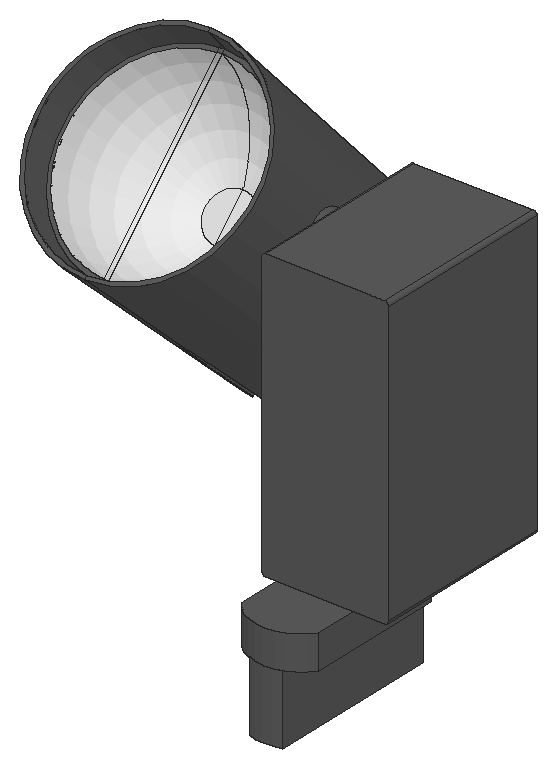
Revit family "0004884 Feilo Sylvania Lighting Fixture START TRACK SPOT S 14W 3K RA90 MB BLACK", category Lighting Fixtures, host Face, Revit 2017 (continued)
Definition of nested family "Start Track Spot Head"
  Types (96, lengths in mm): name | Wattage | built-in parameter 1150134 | Photometric Web File | Model | built-in parameter 1150105 | Lumens | built-in parameter 1150107 | built-in parameter 1150106 | HeadThickness_FEILO | HeadRibOffset_FEILO | HeadRibDepth_FEILO | HeadRibCutWidth_FEILO | HeadRibCutOffset_FEILO | HeadReflectorRadius_FEILO | HeadReflectorOffset_FEILO | HeadLEDRadius_FEILO | HeadHeight_FEILO | HeadDiffusorOffset_FEILO | HeadDiaOut_FEILO | HeadDiaIn_FEILO | HeadAxisFromTop_FEILO | Emit from Circle Diameter | built-in parameter 1150104 | Description | Apparent Load
    0004864 START TRACK SPOT S 24W 3K RA90 WB WHITE | 24 W | (empty or 0) | "0004864.ies" | "START TRACK SPOT S 24W 3K RA90 WB WHITE" | 152.79 (stored number, unit not read) | 1920 lm | 3000 (stored number, unit not read) | 1.5279 (stored number, unit not read) | 1.5 | 4.179 | 55.714 | 7.167 | 50.87 | 50.588 | 55.714 | 9.556 | 117 | 9.435 | 86 | 77.477 | 69.354 | 77.477 | 7.4322 (stored number, unit not read) | "Integrated LED spotlight, Textured White - RAL9016, compact and minimalist design, ideal for retail applications, die-cast aluminium body, passive cooling heatsink. Beam angle: 64°, color temperature: 3000K , total system power: 24W, total fixture output: 1928 lm, LOR: 100%, colour rendering: Ra: 90 typical, LED Chromaticity: 3 step MacAdam ellipse, lifetime: >50000 hours at L70B50, energy class: A++, A+, A, IR/UV free light source without heat radiation, operating voltage: 220-240V / 50-60Hz, drive current: 600mA, electronic driver, non-dimmable, power factor: 0.95, electrical protection: Class II, Global Track 3 Phase adapter suitable for Global trac 3-circuit tracks, ingress protection rating: IP20, suitable for internal environment only, horizontal rotation: 355°, vertical tilt: 90°, dimensions: Ø86x140x200, weight: 0.966kg." | 24 VA
    0004863 START TRACK SPOT S 24W 3K RA90 MB WHITE | 24 W | (empty or 0) | "0004863.ies" | "START TRACK SPOT S 24W 3K RA90 MB WHITE" | 154.7 (stored number, unit not read) | 1944 lm | 3000 (stored number, unit not read) | 1.547 (stored number, unit not read) | 1.5 | 4.179 | 55.714 | 7.167 | 50.87 | 50.588 | 55.714 | 9.556 | 117 | 9.435 | 86 | 77.477 | 69.354 | 77.477 | 7.5251 (stored number, unit not read) | "Integrated LED spotlight, Textured White - RAL9016, compact and minimalist design, ideal for retail applications, die-cast aluminium body, passive cooling heatsink. Beam angle: 36°, color temperature: 3000K , total system power: 24W, total fixture output: 1944 lm, LOR: 100%, colour rendering: Ra: 90 typical, LED Chromaticity: 3 step MacAdam ellipse, lifetime: >50000 hours at L70B50, energy class: A++, A+, A, IR/UV free light source without heat radiation, operating voltage: 220-240V / 50-60Hz, drive current: 600mA, electronic driver, non-dimmable, power factor: 0.95, electrical protection: Class II, Global Track 3 Phase adapter suitable for Global trac 3-circuit tracks, ingress protection rating: IP20, suitable for internal environment only, horizontal rotation: 355°, vertical tilt: 90°, dimensions: Ø86x140x200, weight: 0.966kg." | 24 VA
    0004862 START TRACK SPOT S 24W 3K RA90 NB WHITE | 24 W | (empty or 0) | "0004862.ies" | "START TRACK SPOT S 24W 3K RA90 NB WHITE" | 158.52 (stored number, unit not read) | 1992 lm | 3000 (stored number, unit not read) | 1.5852 (stored number, unit not read) | 1.5 | 4.179 | 55.714 | 7.167 | 50.87 | 50.588 | 55.714 | 9.556 | 117 | 9.435 | 86 | 77.477 | 69.354 | 77.477 | 7.711 (stored number, unit not read) | "Integrated LED spotlight, Textured White - RAL9016, compact and minimalist design, ideal for retail applications, die-cast aluminium body, passive cooling heatsink. Beam angle: 12°, color temperature: 3000K , total system power: 24W, total fixture output: 1987 lm, LOR: 100%, colour rendering: Ra: 90 typical, LED Chromaticity: 3 step MacAdam ellipse, lifetime: >50000 hours at L70B50, energy class: A++, A+, A, IR/UV free light source without heat radiation, operating voltage: 220-240V / 50-60Hz, drive current: 600mA, electronic driver, non-dimmable, power factor: 0.95, electrical protection: Class II, Global Track 3 Phase adapter suitable for Global trac 3-circuit tracks, ingress protection rating: IP20, suitable for internal environment only, horizontal rotation: 355°, vertical tilt: 90°, dimensions: Ø86x140x200, weight: 0.966kg." | 24 VA
    0004861 START TRACK SPOT S 14W 3K RA90 WB WHITE | 14 W | (empty or 0) | "0004861.ies" | "START TRACK SPOT S 14W 3K RA90 WB WHITE" | 100.27 (stored number, unit not read) | 1260 lm | 3000 (stored number, unit not read) | 1.0027 (stored number, unit not read) | 1.5 | 4.179 | 55.714 | 7.167 | 50.87 | 50.588 | 55.714 | 9.556 | 117 | 9.435 | 86 | 77.477 | 69.354 | 77.477 | 8.3613 (stored number, unit not read) | "Integrated LED spotlight, Textured White - RAL9016, compact and minimalist design, ideal for retail applications, die-cast aluminium body, passive cooling heatsink. Beam angle: 64°, color temperature: 3000K , total system power: 14W, total fixture output: 1262 lm, LOR: 100%, colour rendering: Ra: 90 typical, LED Chromaticity: 3 step MacAdam ellipse, lifetime: >50000 hours at L70B50, energy class: A++, A+, A, IR/UV free light source without heat radiation, operating voltage: 220-240V / 50-60Hz, drive current: 350mA, electronic driver, non-dimmable, power factor: 0.92, electrical protection: Class II, Global Track 3 Phase adapter suitable for Global trac 3-circuit tracks, ingress protection rating: IP20, suitable for internal environment only, horizontal rotation: 355°, vertical tilt: 90°, dimensions: Ø86x140x200, weight: 0.940kg." | 14 VA
    0004860 START TRACK SPOT S 14W 3K RA90 MB WHITE | 14 W | (empty or 0) | "0004860.ies" | "START TRACK SPOT S 14W 3K RA90 MB WHITE" | 100.27 (stored number, unit not read) | 1260 lm | 3000 (stored number, unit not read) | 1.0027 (stored number, unit not read) | 1.5 | 4.179 | 55.714 | 7.167 | 50.87 | 50.588 | 55.714 | 9.556 | 117 | 9.435 | 86 | 77.477 | 69.354 | 77.477 | 8.3613 (stored number, unit not read) | "Integrated LED spotlight, Textured White - RAL9016, compact and minimalist design, ideal for retail applications, die-cast aluminium body, passive cooling heatsink. Beam angle: 36°, color temperature: 3000K , total system power: 14W, total fixture output: 1262 lm, LOR: 100%, colour rendering: Ra: 90 typical, LED Chromaticity: 3 step MacAdam ellipse, lifetime: >50000 hours at L70B50, energy class: A++, A+, A, IR/UV free light source without heat radiation, operating voltage: 220-240V / 50-60Hz, drive current: 350mA, electronic driver, non-dimmable, power factor: 0.92, electrical protection: Class II, Global Track 3 Phase adapter suitable for Global trac 3-circuit tracks, ingress protection rating: IP20, suitable for internal environment only, horizontal rotation: 355°, vertical tilt: 90°, dimensions: Ø86x140x200, weight: 0.940kg." | 14 VA
    0004859 START TRACK SPOT S 14W 3K RA90 NB WHITE | 14 W | (empty or 0) | "0004859.ies" | "START TRACK SPOT S 14W 3K RA90 NB WHITE" | 102.5 (stored number, unit not read) | 1288 lm | 3000 (stored number, unit not read) | 1.025 (stored number, unit not read) | 1.5 | 4.179 | 55.714 | 7.167 | 50.87 | 50.588 | 55.714 | 9.556 | 117 | 9.435 | 86 | 77.477 | 69.354 | 77.477 | 8.5471 (stored number, unit not read) | "Integrated LED spotlight, Textured White - RAL9016, compact and minimalist design, ideal for retail applications, die-cast aluminium body, passive cooling heatsink. Beam angle: 12°, color temperature: 3000K , total system power: 14W, total fixture output: 1284 lm, LOR: 100%, colour rendering: Ra: 90 typical, LED Chromaticity: 3 step MacAdam ellipse, lifetime: >50000 hours at L70B50, energy class: A++, A+, A, IR/UV free light source without heat radiation, operating voltage: 220-240V / 50-60Hz, drive current: 350mA, electronic driver, non-dimmable, power factor: 0.92, electrical protection: Class II, Global Track 3 Phase adapter suitable for Global trac 3-circuit tracks, ingress protection rating: IP20, suitable for internal environment only, horizontal rotation: 355°, vertical tilt: 90°, dimensions: Ø86x140x200, weight: 0.940kg." | 14 VA
    0004858 START TRACK SPOT L 55W 4K RA80 WB BLACK | 55 W | 12 | "0004858.ies" | "START TRACK SPOT L 55W 4K RA80 WB BLACK" | 424.55 (stored number, unit not read) | 5335 lm | 4000 (stored number, unit not read) | 4.2455 (stored number, unit not read) | 2 | 4.429 | 59.048 | 9.417 | 53.913 | 66.471 | 59.048 | 12.556 | 124 | 10 | 113 | 101.802 | 73.503 | 101.802 | 9.0116 (stored number, unit not read) | "Integrated LED spotlight, Textured Black - RAL9005, compact and minimalist design, ideal for retail applications, die-cast aluminium body, passive cooling heatsink. Beam angle: 52°, color temperature: 4000K , total system power: 55W, total fixture output: 5320 lm, LOR: 100%, colour rendering: Ra: 80 typical, LED Chromaticity: 3 step MacAdam ellipse, lifetime: >50000 hours at L70B50, energy class: A++, A+, A, IR/UV free light source without heat radiation, operating voltage: 220-240V / 50-60Hz, drive current: 1400mA, electronic driver, non-dimmable, power factor: 0.96, electrical protection: Class II, Global Track 3 Phase adapter suitable for Global trac 3-circuit tracks, ingress protection rating: IP20, suitable for internal environment only, horizontal rotation: 355°, vertical tilt: 90°, dimensions: Ø113x164x240, weight: 1.398kg." | 55 VA
    0004857 START TRACK SPOT L 55W 4K RA80 MB BLACK | 55 W | 12 | "0004857.ies" | "START TRACK SPOT L 55W 4K RA80 MB BLACK" | 428.92 (stored number, unit not read) | 5390 lm | 4000 (stored number, unit not read) | 4.2892 (stored number, unit not read) | 2 | 4.429 | 59.048 | 9.417 | 53.913 | 66.471 | 59.048 | 12.556 | 124 | 10 | 113 | 101.802 | 73.503 | 101.802 | 9.1045 (stored number, unit not read) | "Integrated LED spotlight, Textured Black - RAL9005, compact and minimalist design, ideal for retail applications, die-cast aluminium body, passive cooling heatsink. Beam angle: 38°, color temperature: 4000K , total system power: 55W, total fixture output: 5378 lm, LOR: 100%, colour rendering: Ra: 80 typical, LED Chromaticity: 3 step MacAdam ellipse, lifetime: >50000 hours at L70B50, energy class: A++, A+, A, IR/UV free light source without heat radiation, operating voltage: 220-240V / 50-60Hz, drive current: 1400mA, electronic driver, non-dimmable, power factor: 0.96, electrical protection: Class II, Global Track 3 Phase adapter suitable for Global trac 3-circuit tracks, ingress protection rating: IP20, suitable for internal environment only, horizontal rotation: 355°, vertical tilt: 90°, dimensions: Ø113x164x240, weight: 1.398kg." | 55 VA
    0004856 START TRACK SPOT L 55W 4K RA80 NB BLACK | 55 W | 12 | "0004856.ies" | "START TRACK SPOT L 55W 4K RA80 NB BLACK" | 433.3 (stored number, unit not read) | 5445 lm | 4000 (stored number, unit not read) | 4.333 (stored number, unit not read) | 2 | 4.429 | 59.048 | 9.417 | 53.913 | 66.471 | 59.048 | 12.556 | 124 | 10 | 113 | 101.802 | 73.503 | 101.802 | 9.1974 (stored number, unit not read) | "Integrated LED spotlight, Textured Black - RAL9005, compact and minimalist design, ideal for retail applications, die-cast aluminium body, passive cooling heatsink. Beam angle: 15°, color temperature: 4000K , total system power: 55W, total fixture output: 5426 lm, LOR: 100%, colour rendering: Ra: 80 typical, LED Chromaticity: 3 step MacAdam ellipse, lifetime: >50000 hours at L70B50, energy class: A++, A+, A, IR/UV free light source without heat radiation, operating voltage: 220-240V / 50-60Hz, drive current: 1400mA, electronic driver, non-dimmable, power factor: 0.96, electrical protection: Class II, Global Track 3 Phase adapter suitable for Global trac 3-circuit tracks, ingress protection rating: IP20, suitable for internal environment only, horizontal rotation: 355°, vertical tilt: 90°, dimensions: Ø113x164x240, weight: 1.398kg." | 55 VA
    0004855 START TRACK SPOT L 35W 4K RA80 WB BLACK | 35 W | 12 | "0004855.ies" | "START TRACK SPOT L 35W 4K RA80 WB BLACK" | 320.3 (stored number, unit not read) | 4025 lm | 4000 (stored number, unit not read) | 3.203 (stored number, unit not read) | 2 | 4.429 | 59.048 | 9.417 | 53.913 | 66.471 | 59.048 | 12.556 | 124 | 10 | 113 | 101.802 | 73.503 | 101.802 | 10.684 (stored number, unit not read) | "Integrated LED spotlight, Textured Black - RAL9005, compact and minimalist design, ideal for retail applications, die-cast aluminium body, passive cooling heatsink. Beam angle: 52°, color temperature: 4000K , total system power: 35W, total fixture output: 4010 lm, LOR: 100%, colour rendering: Ra: 80 typical, LED Chromaticity: 3 step MacAdam ellipse, lifetime: >50000 hours at L70B50, energy class: A++, A+, A, IR/UV free light source without heat radiation, operating voltage: 220-240V / 50-60Hz, drive current: 900mA, electronic driver, non-dimmable, power factor: 0.93, electrical protection: Class II, Global Track 3 Phase adapter suitable for Global trac 3-circuit tracks, ingress protection rating: IP20, suitable for internal environment only, horizontal rotation: 355°, vertical tilt: 90°, dimensions: Ø113x164x240, weight: 1.368kg." | 35 VA
    0004854 START TRACK SPOT L 35W 4K RA80 MB BLACK | 35 W | 12 | "0004854.ies" | "START TRACK SPOT L 35W 4K RA80 MB BLACK" | 320.3 (stored number, unit not read) | 4025 lm | 4000 (stored number, unit not read) | 3.203 (stored number, unit not read) | 2 | 4.429 | 59.048 | 9.417 | 53.913 | 66.471 | 59.048 | 12.556 | 124 | 10 | 113 | 101.802 | 73.503 | 101.802 | 10.684 (stored number, unit not read) | "Integrated LED spotlight, Textured Black - RAL9005, compact and minimalist design, ideal for retail applications, die-cast aluminium body, passive cooling heatsink. Beam angle: 38°, color temperature: 4000K , total system power: 35W, total fixture output: 4017 lm, LOR: 100%, colour rendering: Ra: 80 typical, LED Chromaticity: 3 step MacAdam ellipse, lifetime: >50000 hours at L70B50, energy class: A++, A+, A, IR/UV free light source without heat radiation, operating voltage: 220-240V / 50-60Hz, drive current: 900mA, electronic driver, non-dimmable, power factor: 0.93, electrical protection: Class II, Global Track 3 Phase adapter suitable for Global trac 3-circuit tracks, ingress protection rating: IP20, suitable for internal environment only, horizontal rotation: 355°, vertical tilt: 90°, dimensions: Ø113x164x240, weight: 1.368kg." | 35 VA
    0004853 START TRACK SPOT L 35W 4K RA80 NB BLACK | 35 W | 12 | "0004853.ies" | "START TRACK SPOT L 35W 4K RA80 NB BLACK" | 331.44 (stored number, unit not read) | 4165 lm | 4000 (stored number, unit not read) | 3.3144 (stored number, unit not read) | 2 | 4.429 | 59.048 | 9.417 | 53.913 | 66.471 | 59.048 | 12.556 | 124 | 10 | 113 | 101.802 | 73.503 | 101.802 | 11.055 (stored number, unit not read) | "Integrated LED spotlight, Textured Black - RAL9005, compact and minimalist design, ideal for retail applications, die-cast aluminium body, passive cooling heatsink. Beam angle: 15°, color temperature: 4000K , total system power: 35W, total fixture output: 4174 lm, LOR: 100%, colour rendering: Ra: 80 typical, LED Chromaticity: 3 step MacAdam ellipse, lifetime: >50000 hours at L70B50, energy class: A++, A+, A, IR/UV free light source without heat radiation, operating voltage: 220-240V / 50-60Hz, drive current: 900mA, electronic driver, non-dimmable, power factor: 0.93, electrical protection: Class II, Global Track 3 Phase adapter suitable for Global trac 3-circuit tracks, ingress protection rating: IP20, suitable for internal environment only, horizontal rotation: 355°, vertical tilt: 90°, dimensions: Ø113x164x240, weight: 1.368kg." | 35 VA
    0004852 START TRACK SPOT S 24W 4K RA80 WB BLACK | 24 W | 12 | "0004852.ies" | "START TRACK SPOT S 24W 4K RA80 WB BLACK" | 196.72 (stored number, unit not read) | 2472 lm | 4000 (stored number, unit not read) | 1.9672 (stored number, unit not read) | 1.5 | 4.179 | 55.714 | 7.167 | 50.87 | 50.588 | 55.714 | 9.556 | 117 | 9.435 | 86 | 77.477 | 69.354 | 77.477 | 9.569 (stored number, unit not read) | "Integrated LED spotlight, Textured Black - RAL9005, compact and minimalist design, ideal for retail applications, die-cast aluminium body, passive cooling heatsink. Beam angle: 64°, color temperature: 4000K , total system power: 24W, total fixture output: 2476 lm, LOR: 100%, colour rendering: Ra: 80 typical, LED Chromaticity: 3 step MacAdam ellipse, lifetime: >50000 hours at L70B50, energy class: A++, A+, A, IR/UV free light source without heat radiation, operating voltage: 220-240V / 50-60Hz, drive current: 600mA, electronic driver, non-dimmable, power factor: 0.95, electrical protection: Class II, Global Track 3 Phase adapter suitable for Global trac 3-circuit tracks, ingress protection rating: IP20, suitable for internal environment only, horizontal rotation: 355°, vertical tilt: 90°, dimensions: Ø86x140x200, weight: 0.966kg." | 24 VA
    0004851 START TRACK SPOT S 24W 4K RA80 MB BLACK | 24 W | 12 | "0004851.ies" | "START TRACK SPOT S 24W 4K RA80 MB BLACK" | 198.63 (stored number, unit not read) | 2496 lm | 4000 (stored number, unit not read) | 1.9863 (stored number, unit not read) | 1.5 | 4.179 | 55.714 | 7.167 | 50.87 | 50.588 | 55.714 | 9.556 | 117 | 9.435 | 86 | 77.477 | 69.354 | 77.477 | 9.6619 (stored number, unit not read) | "Integrated LED spotlight, Textured Black - RAL9005, compact and minimalist design, ideal for retail applications, die-cast aluminium body, passive cooling heatsink. Beam angle: 36°, color temperature: 4000K , total system power: 24W, total fixture output: 2487 lm, LOR: 100%, colour rendering: Ra: 80 typical, LED Chromaticity: 3 step MacAdam ellipse, lifetime: >50000 hours at L70B50, energy class: A++, A+, A, IR/UV free light source without heat radiation, operating voltage: 220-240V / 50-60Hz, drive current: 600mA, electronic driver, non-dimmable, power factor: 0.95, electrical protection: Class II, Global Track 3 Phase adapter suitable for Global trac 3-circuit tracks, ingress protection rating: IP20, suitable for internal environment only, horizontal rotation: 355°, vertical tilt: 90°, dimensions: Ø86x140x200, weight: 0.966kg." | 24 VA
    0004850 START TRACK SPOT S 24W 4K RA80 NB BLACK | 24 W | 12 | "0004850.ies" | "START TRACK SPOT S 24W 4K RA80 NB BLACK" | 200.54 (stored number, unit not read) | 2520 lm | 4000 (stored number, unit not read) | 2.0054 (stored number, unit not read) | 1.5 | 4.179 | 55.714 | 7.167 | 50.87 | 50.588 | 55.714 | 9.556 | 117 | 9.435 | 86 | 77.477 | 69.354 | 77.477 | 9.7548 (stored number, unit not read) | "Integrated LED spotlight, Textured Black - RAL9005, compact and minimalist design, ideal for retail applications, die-cast aluminium body, passive cooling heatsink. Beam angle: 12°, color temperature: 4000K , total system power: 24W, total fixture output: 2529 lm, LOR: 100%, colour rendering: Ra: 80 typical, LED Chromaticity: 3 step MacAdam ellipse, lifetime: >50000 hours at L70B50, energy class: A++, A+, A, IR/UV free light source without heat radiation, operating voltage: 220-240V / 50-60Hz, drive current: 600mA, electronic driver, non-dimmable, power factor: 0.95, electrical protection: Class II, Global Track 3 Phase adapter suitable for Global trac 3-circuit tracks, ingress protection rating: IP20, suitable for internal environment only, horizontal rotation: 355°, vertical tilt: 90°, dimensions: Ø86x140x200, weight: 0.966kg." | 24 VA
    0004849 START TRACK SPOT S 14W 4K RA80 WB BLACK | 14 W | 12 | "0004849.ies" | "START TRACK SPOT S 14W 4K RA80 WB BLACK" | 123.66 (stored number, unit not read) | 1554 lm | 4000 (stored number, unit not read) | 1.2366 (stored number, unit not read) | 1.5 | 4.179 | 55.714 | 7.167 | 50.87 | 50.588 | 55.714 | 9.556 | 117 | 9.435 | 86 | 77.477 | 69.354 | 77.477 | 10.312 (stored number, unit not read) | "Integrated LED spotlight, Textured Black - RAL9005, compact and minimalist design, ideal for retail applications, die-cast aluminium body, passive cooling heatsink. Beam angle: 64°, color temperature: 4000K , total system power: 14W, total fixture output: 1558 lm, LOR: 100%, colour rendering: Ra: 80 typical, LED Chromaticity: 3 step MacAdam ellipse, lifetime: >50000 hours at L70B50, energy class: A++, A+, A, IR/UV free light source without heat radiation, operating voltage: 220-240V / 50-60Hz, drive current: 350mA, electronic driver, non-dimmable, power factor: 0.92, electrical protection: Class II, Global Track 3 Phase adapter suitable for Global trac 3-circuit tracks, ingress protection rating: IP20, suitable for internal environment only, horizontal rotation: 355°, vertical tilt: 90°, dimensions: Ø86x140x200, weight: 0.940kg." | 14 VA
    0004848 START TRACK SPOT S 14W 4K RA80 MB BLACK | 14 W | 12 | "0004848.ies" | "START TRACK SPOT S 14W 4K RA80 MB BLACK" | 127.01 (stored number, unit not read) | 1596 lm | 4000 (stored number, unit not read) | 1.2701 (stored number, unit not read) | 1.5 | 4.179 | 55.714 | 7.167 | 50.87 | 50.588 | 55.714 | 9.556 | 117 | 9.435 | 86 | 77.477 | 69.354 | 77.477 | 10.591 (stored number, unit not read) | "Integrated LED spotlight, Textured Black - RAL9005, compact and minimalist design, ideal for retail applications, die-cast aluminium body, passive cooling heatsink. Beam angle: 36°, color temperature: 4000K , total system power: 14W, total fixture output: 1598 lm, LOR: 100%, colour rendering: Ra: 80 typical, LED Chromaticity: 3 step MacAdam ellipse, lifetime: >50000 hours at L70B50, energy class: A++, A+, A, IR/UV free light source without heat radiation, operating voltage: 220-240V / 50-60Hz, drive current: 350mA, electronic driver, non-dimmable, power factor: 0.92, electrical protection: Class II, Global Track 3 Phase adapter suitable for Global trac 3-circuit tracks, ingress protection rating: IP20, suitable for internal environment only, horizontal rotation: 355°, vertical tilt: 90°, dimensions: Ø86x140x200, weight: 0.940kg." | 14 VA
    0004847 START TRACK SPOT S 14W 4K RA80 NB BLACK | 14 W | 12 | "0004847.ies" | "START TRACK SPOT S 14W 4K RA80 NB BLACK" | 128.12 (stored number, unit not read) | 1610 lm | 4000 (stored number, unit not read) | 1.2812 (stored number, unit not read) | 1.5 | 4.179 | 55.714 | 7.167 | 50.87 | 50.588 | 55.714 | 9.556 | 117 | 9.435 | 86 | 77.477 | 69.354 | 77.477 | 10.684 (stored number, unit not read) | "Integrated LED spotlight, Textured Black - RAL9005, compact and minimalist design, ideal for retail applications, die-cast aluminium body, passive cooling heatsink. Beam angle: 12°, color temperature: 4000K , total system power: 14W, total fixture output: 1608 lm, LOR: 100%, colour rendering: Ra: 80 typical, LED Chromaticity: 3 step MacAdam ellipse, lifetime: >50000 hours at L70B50, energy class: A++, A+, A, IR/UV free light source without heat radiation, operating voltage: 220-240V / 50-60Hz, drive current: 350mA, electronic driver, non-dimmable, power factor: 0.92, electrical protection: Class II, Global Track 3 Phase adapter suitable for Global trac 3-circuit tracks, ingress protection rating: IP20, suitable for internal environment only, horizontal rotation: 355°, vertical tilt: 90°, dimensions: Ø86x140x200, weight: 0.940kg." | 14 VA
    0004846 START TRACK SPOT L 55W 3K RA80 WB BLACK | 55 W | (empty or 0) | "0004846.ies" | "START TRACK SPOT L 55W 3K RA80 WB BLACK" | 420.17 (stored number, unit not read) | 5280 lm | 3000 (stored number, unit not read) | 4.2017 (stored number, unit not read) | 2 | 4.429 | 59.048 | 9.417 | 53.913 | 66.471 | 59.048 | 12.556 | 124 | 10 | 113 | 101.802 | 73.503 | 101.802 | 8.9187 (stored number, unit not read) | "Integrated LED spotlight, Textured Black - RAL9005, compact and minimalist design, ideal for retail applications, die-cast aluminium body, passive cooling heatsink. Beam angle: 52°, color temperature: 3000K , total system power: 55W, total fixture output: 5298 lm, LOR: 100%, colour rendering: Ra: 80 typical, LED Chromaticity: 3 step MacAdam ellipse, lifetime: >50000 hours at L70B50, energy class: A++, A+, A, IR/UV free light source without heat radiation, operating voltage: 220-240V / 50-60Hz, drive current: 1400mA, electronic driver, non-dimmable, power factor: 0.96, electrical protection: Class II, Global Track 3 Phase adapter suitable for Global trac 3-circuit tracks, ingress protection rating: IP20, suitable for internal environment only, horizontal rotation: 355°, vertical tilt: 90°, dimensions: Ø113x164x240, weight: 1.398kg." | 55 VA
    0004845 START TRACK SPOT L 55W 3K RA80 MB BLACK | 55 W | (empty or 0) | "0004845.ies" | "START TRACK SPOT L 55W 3K RA80 MB BLACK" | 428.92 (stored number, unit not read) | 5390 lm | 3000 (stored number, unit not read) | 4.2892 (stored number, unit not read) | 2 | 4.429 | 59.048 | 9.417 | 53.913 | 66.471 | 59.048 | 12.556 | 124 | 10 | 113 | 101.802 | 73.503 | 101.802 | 9.1045 (stored number, unit not read) | "Integrated LED spotlight, Textured Black - RAL9005, compact and minimalist design, ideal for retail applications, die-cast aluminium body, passive cooling heatsink. Beam angle: 38°, color temperature: 3000K , total system power: 55W, total fixture output: 5381 lm, LOR: 100%, colour rendering: Ra: 80 typical, LED Chromaticity: 3 step MacAdam ellipse, lifetime: >50000 hours at L70B50, energy class: A++, A+, A, IR/UV free light source without heat radiation, operating voltage: 220-240V / 50-60Hz, drive current: 1400mA, electronic driver, non-dimmable, power factor: 0.96, electrical protection: Class II, Global Track 3 Phase adapter suitable for Global trac 3-circuit tracks, ingress protection rating: IP20, suitable for internal environment only, horizontal rotation: 355°, vertical tilt: 90°, dimensions: Ø113x164x240, weight: 1.398kg." | 55 VA
    0004844 START TRACK SPOT L 55W 3K RA80 NB BLACK | 55 W | (empty or 0) | "0004844.ies" | "START TRACK SPOT L 55W 3K RA80 NB BLACK" | 433.3 (stored number, unit not read) | 5445 lm | 3000 (stored number, unit not read) | 4.333 (stored number, unit not read) | 2 | 4.429 | 59.048 | 9.417 | 53.913 | 66.471 | 59.048 | 12.556 | 124 | 10 | 113 | 101.802 | 73.503 | 101.802 | 9.1974 (stored number, unit not read) | "Integrated LED spotlight, Textured Black - RAL9005, compact and minimalist design, ideal for retail applications, die-cast aluminium body, passive cooling heatsink. Beam angle: 15°, color temperature: 3000K , total system power: 55W, total fixture output: 5449 lm, LOR: 100%, colour rendering: Ra: 80 typical, LED Chromaticity: 3 step MacAdam ellipse, lifetime: >50000 hours at L70B50, energy class: A++, A+, A, IR/UV free light source without heat radiation, operating voltage: 220-240V / 50-60Hz, drive current: 1400mA, electronic driver, non-dimmable, power factor: 0.96, electrical protection: Class II, Global Track 3 Phase adapter suitable for Global trac 3-circuit tracks, ingress protection rating: IP20, suitable for internal environment only, horizontal rotation: 355°, vertical tilt: 90°, dimensions: Ø113x164x240, weight: 1.398kg." | 55 VA
    0004843 START TRACK SPOT L 35W 3K RA80 WB BLACK | 35 W | (empty or 0) | "0004843.ies" | "START TRACK SPOT L 35W 3K RA80 WB BLACK" | 314.73 (stored number, unit not read) | 3955 lm | 3000 (stored number, unit not read) | 3.1473 (stored number, unit not read) | 2 | 4.429 | 59.048 | 9.417 | 53.913 | 66.471 | 59.048 | 12.556 | 124 | 10 | 113 | 101.802 | 73.503 | 101.802 | 10.498 (stored number, unit not read) | "Integrated LED spotlight, Textured Black - RAL9005, compact and minimalist design, ideal for retail applications, die-cast aluminium body, passive cooling heatsink. Beam angle: 52°, color temperature: 3000K , total system power: 35W, total fixture output: 3943 lm, LOR: 100%, colour rendering: Ra: 80 typical, LED Chromaticity: 3 step MacAdam ellipse, lifetime: >50000 hours at L70B50, energy class: A++, A+, A, IR/UV free light source without heat radiation, operating voltage: 220-240V / 50-60Hz, drive current: 900mA, electronic driver, non-dimmable, power factor: 0.93, electrical protection: Class II, Global Track 3 Phase adapter suitable for Global trac 3-circuit tracks, ingress protection rating: IP20, suitable for internal environment only, horizontal rotation: 355°, vertical tilt: 90°, dimensions: Ø113x164x240, weight: 1.368kg." | 35 VA
    0004842 START TRACK SPOT L 35W 3K RA80 MB BLACK | 35 W | (empty or 0) | "0004842.ies" | "START TRACK SPOT L 35W 3K RA80 MB BLACK" | 320.3 (stored number, unit not read) | 4025 lm | 3000 (stored number, unit not read) | 3.203 (stored number, unit not read) | 2 | 4.429 | 59.048 | 9.417 | 53.913 | 66.471 | 59.048 | 12.556 | 124 | 10 | 113 | 101.802 | 73.503 | 101.802 | 10.684 (stored number, unit not read) | "Integrated LED spotlight, Textured Black - RAL9005, compact and minimalist design, ideal for retail applications, die-cast aluminium body, passive cooling heatsink. Beam angle: 38°, color temperature: 3000K , total system power: 35W, total fixture output: 4008 lm, LOR: 100%, colour rendering: Ra: 80 typical, LED Chromaticity: 3 step MacAdam ellipse, lifetime: >50000 hours at L70B50, energy class: A++, A+, A, IR/UV free light source without heat radiation, operating voltage: 220-240V / 50-60Hz, drive current: 900mA, electronic driver, non-dimmable, power factor: 0.93, electrical protection: Class II, Global Track 3 Phase adapter suitable for Global trac 3-circuit tracks, ingress protection rating: IP20, suitable for internal environment only, horizontal rotation: 355°, vertical tilt: 90°, dimensions: Ø113x164x240, weight: 1.368kg." | 35 VA
    0004841 START TRACK SPOT L 35W 3K RA80 NB BLACK | 35 W | (empty or 0) | "0004841.ies" | "START TRACK SPOT L 35W 3K RA80 NB BLACK" | 317.51 (stored number, unit not read) | 3990 lm | 3000 (stored number, unit not read) | 3.1751 (stored number, unit not read) | 2 | 4.429 | 59.048 | 9.417 | 53.913 | 66.471 | 59.048 | 12.556 | 124 | 10 | 113 | 101.802 | 73.503 | 101.802 | 10.591 (stored number, unit not read) | "Integrated LED spotlight, Textured Black - RAL9005, compact and minimalist design, ideal for retail applications, die-cast aluminium body, passive cooling heatsink. Beam angle: 15°, color temperature: 3000K , total system power: 35W, total fixture output: 4005 lm, LOR: 100%, colour rendering: Ra: 80 typical, LED Chromaticity: 3 step MacAdam ellipse, lifetime: >50000 hours at L70B50, energy class: A++, A+, A, IR/UV free light source without heat radiation, operating voltage: 220-240V / 50-60Hz, drive current: 900mA, electronic driver, non-dimmable, power factor: 0.93, electrical protection: Class II, Global Track 3 Phase adapter suitable for Global trac 3-circuit tracks, ingress protection rating: IP20, suitable for internal environment only, horizontal rotation: 355°, vertical tilt: 90°, dimensions: Ø113x164x240, weight: 1.368kg." | 35 VA
    0004840 START TRACK SPOT S 24W 3K RA80 WB BLACK | 24 W | (empty or 0) | "0004840.ies" | "START TRACK SPOT S 24W 3K RA80 WB BLACK" | 185.26 (stored number, unit not read) | 2328 lm | 3000 (stored number, unit not read) | 1.8526 (stored number, unit not read) | 1.5 | 4.179 | 55.714 | 7.167 | 50.87 | 50.588 | 55.714 | 9.556 | 117 | 9.435 | 86 | 77.477 | 69.354 | 77.477 | 9.0116 (stored number, unit not read) | "Integrated LED spotlight, Textured Black - RAL9005, compact and minimalist design, ideal for retail applications, die-cast aluminium body, passive cooling heatsink. Beam angle: 64°, color temperature: 3000K , total system power: 24W, total fixture output: 2318 lm, LOR: 100%, colour rendering: Ra: 80 typical, LED Chromaticity: 3 step MacAdam ellipse, lifetime: >50000 hours at L70B50, energy class: A++, A+, A, IR/UV free light source without heat radiation, operating voltage: 220-240V / 50-60Hz, drive current: 600mA, electronic driver, non-dimmable, power factor: 0.95, electrical protection: Class II, Global Track 3 Phase adapter suitable for Global trac 3-circuit tracks, ingress protection rating: IP20, suitable for internal environment only, horizontal rotation: 355°, vertical tilt: 90°, dimensions: Ø86x140x200, weight: 0.966kg." | 24 VA
    0004839 START TRACK SPOT S 24W 3K RA80 MB BLACK | 24 W | (empty or 0) | "0004839.ies" | "START TRACK SPOT S 24W 3K RA80 MB BLACK" | 183.35 (stored number, unit not read) | 2304 lm | 3000 (stored number, unit not read) | 1.8335 (stored number, unit not read) | 1.5 | 4.179 | 55.714 | 7.167 | 50.87 | 50.588 | 55.714 | 9.556 | 117 | 9.435 | 86 | 77.477 | 69.354 | 77.477 | 8.9187 (stored number, unit not read) | "Integrated LED spotlight, Textured Black - RAL9005, compact and minimalist design, ideal for retail applications, die-cast aluminium body, passive cooling heatsink. Beam angle: 36°, color temperature: 3000K , total system power: 24W, total fixture output: 2314 lm, LOR: 100%, colour rendering: Ra: 80 typical, LED Chromaticity: 3 step MacAdam ellipse, lifetime: >50000 hours at L70B50, energy class: A++, A+, A, IR/UV free light source without heat radiation, operating voltage: 220-240V / 50-60Hz, drive current: 600mA, electronic driver, non-dimmable, power factor: 0.95, electrical protection: Class II, Global Track 3 Phase adapter suitable for Global trac 3-circuit tracks, ingress protection rating: IP20, suitable for internal environment only, horizontal rotation: 355°, vertical tilt: 90°, dimensions: Ø86x140x200, weight: 0.966kg." | 24 VA
    0004838 START TRACK SPOT S 24W 3K RA80 NB BLACK | 24 W | (empty or 0) | "0004838.ies" | "START TRACK SPOT S 24W 3K RA80 NB BLACK" | 185.26 (stored number, unit not read) | 2328 lm | 3000 (stored number, unit not read) | 1.8526 (stored number, unit not read) | 1.5 | 4.179 | 55.714 | 7.167 | 50.87 | 50.588 | 55.714 | 9.556 | 117 | 9.435 | 86 | 77.477 | 69.354 | 77.477 | 9.0116 (stored number, unit not read) | "Integrated LED spotlight, Textured Black - RAL9005, compact and minimalist design, ideal for retail applications, die-cast aluminium body, passive cooling heatsink. Beam angle: 12°, color temperature: 3000K , total system power: 24W, total fixture output: 2334 lm, LOR: 100%, colour rendering: Ra: 80 typical, LED Chromaticity: 3 step MacAdam ellipse, lifetime: >50000 hours at L70B50, energy class: A++, A+, A, IR/UV free light source without heat radiation, operating voltage: 220-240V / 50-60Hz, drive current: 600mA, electronic driver, non-dimmable, power factor: 0.95, electrical protection: Class II, Global Track 3 Phase adapter suitable for Global trac 3-circuit tracks, ingress protection rating: IP20, suitable for internal environment only, horizontal rotation: 355°, vertical tilt: 90°, dimensions: Ø86x140x200, weight: 0.966kg." | 24 VA
    0004837 START TRACK SPOT S 14W 3K RA80 WB BLACK | 14 W | (empty or 0) | "0004837.ies" | "START TRACK SPOT S 14W 3K RA80 WB BLACK" | 119.21 (stored number, unit not read) | 1498 lm | 3000 (stored number, unit not read) | 1.1921 (stored number, unit not read) | 1.5 | 4.179 | 55.714 | 7.167 | 50.87 | 50.588 | 55.714 | 9.556 | 117 | 9.435 | 86 | 77.477 | 69.354 | 77.477 | 9.9406 (stored number, unit not read) | "Integrated LED spotlight, Textured Black - RAL9005, compact and minimalist design, ideal for retail applications, die-cast aluminium body, passive cooling heatsink. Beam angle: 64°, color temperature: 3000K , total system power: 14W, total fixture output: 1498 lm, LOR: 100%, colour rendering: Ra: 80 typical, LED Chromaticity: 3 step MacAdam ellipse, lifetime: >50000 hours at L70B50, energy class: A++, A+, A, IR/UV free light source without heat radiation, operating voltage: 220-240V / 50-60Hz, drive current: 350mA, electronic driver, non-dimmable, power factor: 0.92, electrical protection: Class II, Global Track 3 Phase adapter suitable for Global trac 3-circuit tracks, ingress protection rating: IP20, suitable for internal environment only, horizontal rotation: 355°, vertical tilt: 90°, dimensions: Ø86x140x200, weight: 0.940kg." | 14 VA
    0004836 START TRACK SPOT S 14W 3K RA80 MB BLACK | 14 W | (empty or 0) | "0004836.ies" | "START TRACK SPOT S 14W 3K RA80 MB BLACK" | 120.32 (stored number, unit not read) | 1512 lm | 3000 (stored number, unit not read) | 1.2032 (stored number, unit not read) | 1.5 | 4.179 | 55.714 | 7.167 | 50.87 | 50.588 | 55.714 | 9.556 | 117 | 9.435 | 86 | 77.477 | 69.354 | 77.477 | 10.034 (stored number, unit not read) | "Integrated LED spotlight, Textured Black - RAL9005, compact and minimalist design, ideal for retail applications, die-cast aluminium body, passive cooling heatsink. Beam angle: 36°, color temperature: 3000K , total system power: 14W, total fixture output: 1508 lm, LOR: 100%, colour rendering: Ra: 80 typical, LED Chromaticity: 3 step MacAdam ellipse, lifetime: >50000 hours at L70B50, energy class: A++, A+, A, IR/UV free light source without heat radiation, operating voltage: 220-240V / 50-60Hz, drive current: 350mA, electronic driver, non-dimmable, power factor: 0.92, electrical protection: Class II, Global Track 3 Phase adapter suitable for Global trac 3-circuit tracks, ingress protection rating: IP20, suitable for internal environment only, horizontal rotation: 355°, vertical tilt: 90°, dimensions: Ø86x140x200, weight: 0.940kg." | 14 VA
    0004835 START TRACK SPOT S 14W 3K RA80 NB BLACK | 14 W | (empty or 0) | "0004835.ies" | "START TRACK SPOT S 14W 3K RA80 NB BLACK" | 123.66 (stored number, unit not read) | 1554 lm | 3000 (stored number, unit not read) | 1.2366 (stored number, unit not read) | 1.5 | 4.179 | 55.714 | 7.167 | 50.87 | 50.588 | 55.714 | 9.556 | 117 | 9.435 | 86 | 77.477 | 69.354 | 77.477 | 10.312 (stored number, unit not read) | "Integrated LED spotlight, Textured Black - RAL9005, compact and minimalist design, ideal for retail applications, die-cast aluminium body, passive cooling heatsink. Beam angle: 12°, color temperature: 3000K , total system power: 14W, total fixture output: 1551 lm, LOR: 100%, colour rendering: Ra: 80 typical, LED Chromaticity: 3 step MacAdam ellipse, lifetime: >50000 hours at L70B50, energy class: A++, A+, A, IR/UV free light source without heat radiation, operating voltage: 220-240V / 50-60Hz, drive current: 350mA, electronic driver, non-dimmable, power factor: 0.92, electrical protection: Class II, Global Track 3 Phase adapter suitable for Global trac 3-circuit tracks, ingress protection rating: IP20, suitable for internal environment only, horizontal rotation: 355°, vertical tilt: 90°, dimensions: Ø86x140x200, weight: 0.940kg." | 14 VA
    0004834 START TRACK SPOT L 55W 4K RA80 WB WHITE | 55 W | 12 | "0004834.ies" | "START TRACK SPOT L 55W 4K RA80 WB WHITE" | 424.55 (stored number, unit not read) | 5335 lm | 4000 (stored number, unit not read) | 4.2455 (stored number, unit not read) | 2 | 4.429 | 59.048 | 9.417 | 53.913 | 66.471 | 59.048 | 12.556 | 124 | 10 | 113 | 101.802 | 73.503 | 101.802 | 9.0116 (stored number, unit not read) | "Integrated LED spotlight, Textured White - RAL9016, compact and minimalist design, ideal for retail applications, die-cast aluminium body, passive cooling heatsink. Beam angle: 52°, color temperature: 4000K , total system power: 55W, total fixture output: 5320 lm, LOR: 100%, colour rendering: Ra: 80 typical, LED Chromaticity: 3 step MacAdam ellipse, lifetime: >50000 hours at L70B50, energy class: A++, A+, A, IR/UV free light source without heat radiation, operating voltage: 220-240V / 50-60Hz, drive current: 1400mA, electronic driver, non-dimmable, power factor: 0.96, electrical protection: Class II, Global Track 3 Phase adapter suitable for Global trac 3-circuit tracks, ingress protection rating: IP20, suitable for internal environment only, horizontal rotation: 355°, vertical tilt: 90°, dimensions: Ø113x164x240, weight: 1.398kg." | 55 VA
    0004833 START TRACK SPOT L 55W 4K RA80 MB WHITE | 55 W | 12 | "0004833.ies" | "START TRACK SPOT L 55W 4K RA80 MB WHITE" | 428.92 (stored number, unit not read) | 5390 lm | 4000 (stored number, unit not read) | 4.2892 (stored number, unit not read) | 2 | 4.429 | 59.048 | 9.417 | 53.913 | 66.471 | 59.048 | 12.556 | 124 | 10 | 113 | 101.802 | 73.503 | 101.802 | 9.1045 (stored number, unit not read) | "Integrated LED spotlight, Textured White - RAL9016, compact and minimalist design, ideal for retail applications, die-cast aluminium body, passive cooling heatsink. Beam angle: 38°, color temperature: 4000K , total system power: 55W, total fixture output: 5378 lm, LOR: 100%, colour rendering: Ra: 80 typical, LED Chromaticity: 3 step MacAdam ellipse, lifetime: >50000 hours at L70B50, energy class: A++, A+, A, IR/UV free light source without heat radiation, operating voltage: 220-240V / 50-60Hz, drive current: 1400mA, electronic driver, non-dimmable, power factor: 0.96, electrical protection: Class II, Global Track 3 Phase adapter suitable for Global trac 3-circuit tracks, ingress protection rating: IP20, suitable for internal environment only, horizontal rotation: 355°, vertical tilt: 90°, dimensions: Ø113x164x240, weight: 1.398kg." | 55 VA
    0004832 START TRACK SPOT L 55W 4K RA80 NB WHITE | 55 W | 12 | "0004832.ies" | "START TRACK SPOT L 55W 4K RA80 NB WHITE" | 433.3 (stored number, unit not read) | 5445 lm | 4000 (stored number, unit not read) | 4.333 (stored number, unit not read) | 2 | 4.429 | 59.048 | 9.417 | 53.913 | 66.471 | 59.048 | 12.556 | 124 | 10 | 113 | 101.802 | 73.503 | 101.802 | 9.1974 (stored number, unit not read) | "Integrated LED spotlight, Textured White - RAL9016, compact and minimalist design, ideal for retail applications, die-cast aluminium body, passive cooling heatsink. Beam angle: 15°, color temperature: 4000K , total system power: 55W, total fixture output: 5426 lm, LOR: 100%, colour rendering: Ra: 80 typical, LED Chromaticity: 3 step MacAdam ellipse, lifetime: >50000 hours at L70B50, energy class: A++, A+, A, IR/UV free light source without heat radiation, operating voltage: 220-240V / 50-60Hz, drive current: 1400mA, electronic driver, non-dimmable, power factor: 0.96, electrical protection: Class II, Global Track 3 Phase adapter suitable for Global trac 3-circuit tracks, ingress protection rating: IP20, suitable for internal environment only, horizontal rotation: 355°, vertical tilt: 90°, dimensions: Ø113x164x240, weight: 1.398kg." | 55 VA
    0004831 START TRACK SPOT L 35W 4K RA80 WB WHITE | 35 W | 12 | "0004831.ies" | "START TRACK SPOT L 35W 4K RA80 WB WHITE" | 320.3 (stored number, unit not read) | 4025 lm | 4000 (stored number, unit not read) | 3.203 (stored number, unit not read) | 2 | 4.429 | 59.048 | 9.417 | 53.913 | 66.471 | 59.048 | 12.556 | 124 | 10 | 113 | 101.802 | 73.503 | 101.802 | 10.684 (stored number, unit not read) | "Integrated LED spotlight, Textured White - RAL9016, compact and minimalist design, ideal for retail applications, die-cast aluminium body, passive cooling heatsink. Beam angle: 52°, color temperature: 4000K , total system power: 35W, total fixture output: 4010 lm, LOR: 100%, colour rendering: Ra: 80 typical, LED Chromaticity: 3 step MacAdam ellipse, lifetime: >50000 hours at L70B50, energy class: A++, A+, A, IR/UV free light source without heat radiation, operating voltage: 220-240V / 50-60Hz, drive current: 900mA, electronic driver, non-dimmable, power factor: 0.93, electrical protection: Class II, Global Track 3 Phase adapter suitable for Global trac 3-circuit tracks, ingress protection rating: IP20, suitable for internal environment only, horizontal rotation: 355°, vertical tilt: 90°, dimensions: Ø113x164x240, weight: 1.368kg." | 35 VA
    0004830 START TRACK SPOT L 35W 4K RA80 MB WHITE | 35 W | 12 | "0004830.ies" | "START TRACK SPOT L 35W 4K RA80 MB WHITE" | 320.3 (stored number, unit not read) | 4025 lm | 4000 (stored number, unit not read) | 3.203 (stored number, unit not read) | 2 | 4.429 | 59.048 | 9.417 | 53.913 | 66.471 | 59.048 | 12.556 | 124 | 10 | 113 | 101.802 | 73.503 | 101.802 | 10.684 (stored number, unit not read) | "Integrated LED spotlight, Textured White - RAL9016, compact and minimalist design, ideal for retail applications, die-cast aluminium body, passive cooling heatsink. Beam angle: 38°, color temperature: 4000K , total system power: 35W, total fixture output: 4017 lm, LOR: 100%, colour rendering: Ra: 80 typical, LED Chromaticity: 3 step MacAdam ellipse, lifetime: >50000 hours at L70B50, energy class: A++, A+, A, IR/UV free light source without heat radiation, operating voltage: 220-240V / 50-60Hz, drive current: 900mA, electronic driver, non-dimmable, power factor: 0.93, electrical protection: Class II, Global Track 3 Phase adapter suitable for Global trac 3-circuit tracks, ingress protection rating: IP20, suitable for internal environment only, horizontal rotation: 355°, vertical tilt: 90°, dimensions: Ø113x164x240, weight: 1.368kg." | 35 VA
    0004829 START TRACK SPOT L 35W 4K RA80 NB WHITE | 35 W | 12 | "0004829.ies" | "START TRACK SPOT L 35W 4K RA80 NB WHITE" | 331.44 (stored number, unit not read) | 4165 lm | 4000 (stored number, unit not read) | 3.3144 (stored number, unit not read) | 2 | 4.429 | 59.048 | 9.417 | 53.913 | 66.471 | 59.048 | 12.556 | 124 | 10 | 113 | 101.802 | 73.503 | 101.802 | 11.055 (stored number, unit not read) | "Integrated LED spotlight, Textured White - RAL9016, compact and minimalist design, ideal for retail applications, die-cast aluminium body, passive cooling heatsink. Beam angle: 15°, color temperature: 4000K , total system power: 35W, total fixture output: 4174 lm, LOR: 100%, colour rendering: Ra: 80 typical, LED Chromaticity: 3 step MacAdam ellipse, lifetime: >50000 hours at L70B50, energy class: A++, A+, A, IR/UV free light source without heat radiation, operating voltage: 220-240V / 50-60Hz, drive current: 900mA, electronic driver, non-dimmable, power factor: 0.93, electrical protection: Class II, Global Track 3 Phase adapter suitable for Global trac 3-circuit tracks, ingress protection rating: IP20, suitable for internal environment only, horizontal rotation: 355°, vertical tilt: 90°, dimensions: Ø113x164x240, weight: 1.368kg." | 35 VA
    0004828 START TRACK SPOT S 24W 4K RA80 WB WHITE | 24 W | 12 | "0004828.ies" | "START TRACK SPOT S 24W 4K RA80 WB WHITE" | 196.72 (stored number, unit not read) | 2472 lm | 4000 (stored number, unit not read) | 1.9672 (stored number, unit not read) | 1.5 | 4.179 | 55.714 | 7.167 | 50.87 | 50.588 | 55.714 | 9.556 | 117 | 9.435 | 86 | 77.477 | 69.354 | 77.477 | 9.569 (stored number, unit not read) | "Integrated LED spotlight, Textured White - RAL9016, compact and minimalist design, ideal for retail applications, die-cast aluminium body, passive cooling heatsink. Beam angle: 64°, color temperature: 4000K , total system power: 24W, total fixture output: 2476 lm, LOR: 100%, colour rendering: Ra: 80 typical, LED Chromaticity: 3 step MacAdam ellipse, lifetime: >50000 hours at L70B50, energy class: A++, A+, A, IR/UV free light source without heat radiation, operating voltage: 220-240V / 50-60Hz, drive current: 600mA, electronic driver, non-dimmable, power factor: 0.95, electrical protection: Class II, Global Track 3 Phase adapter suitable for Global trac 3-circuit tracks, ingress protection rating: IP20, suitable for internal environment only, horizontal rotation: 355°, vertical tilt: 90°, dimensions: Ø86x140x200, weight: 0.966kg." | 24 VA
    0004827 START TRACK SPOT S 24W 4K RA80 MB WHITE | 24 W | 12 | "0004827.ies" | "START TRACK SPOT S 24W 4K RA80 MB WHITE" | 198.63 (stored number, unit not read) | 2496 lm | 4000 (stored number, unit not read) | 1.9863 (stored number, unit not read) | 1.5 | 4.179 | 55.714 | 7.167 | 50.87 | 50.588 | 55.714 | 9.556 | 117 | 9.435 | 86 | 77.477 | 69.354 | 77.477 | 9.6619 (stored number, unit not read) | "Integrated LED spotlight, Textured White - RAL9016, compact and minimalist design, ideal for retail applications, die-cast aluminium body, passive cooling heatsink. Beam angle: 36°, color temperature: 4000K , total system power: 24W, total fixture output: 2487 lm, LOR: 100%, colour rendering: Ra: 80 typical, LED Chromaticity: 3 step MacAdam ellipse, lifetime: >50000 hours at L70B50, energy class: A++, A+, A, IR/UV free light source without heat radiation, operating voltage: 220-240V / 50-60Hz, drive current: 600mA, electronic driver, non-dimmable, power factor: 0.95, electrical protection: Class II, Global Track 3 Phase adapter suitable for Global trac 3-circuit tracks, ingress protection rating: IP20, suitable for internal environment only, horizontal rotation: 355°, vertical tilt: 90°, dimensions: Ø86x140x200, weight: 0.966kg." | 24 VA
    0004826 START TRACK SPOT S 24W 4K RA80 NB WHITE | 24 W | 12 | "0004826.ies" | "START TRACK SPOT S 24W 4K RA80 NB WHITE" | 200.54 (stored number, unit not read) | 2520 lm | 4000 (stored number, unit not read) | 2.0054 (stored number, unit not read) | 1.5 | 4.179 | 55.714 | 7.167 | 50.87 | 50.588 | 55.714 | 9.556 | 117 | 9.435 | 86 | 77.477 | 69.354 | 77.477 | 9.7548 (stored number, unit not read) | "Integrated LED spotlight, Textured White - RAL9016, compact and minimalist design, ideal for retail applications, die-cast aluminium body, passive cooling heatsink. Beam angle: 12°, color temperature: 4000K , total system power: 24W, total fixture output: 2529 lm, LOR: 100%, colour rendering: Ra: 80 typical, LED Chromaticity: 3 step MacAdam ellipse, lifetime: >50000 hours at L70B50, energy class: A++, A+, A, IR/UV free light source without heat radiation, operating voltage: 220-240V / 50-60Hz, drive current: 600mA, electronic driver, non-dimmable, power factor: 0.95, electrical protection: Class II, Global Track 3 Phase adapter suitable for Global trac 3-circuit tracks, ingress protection rating: IP20, suitable for internal environment only, horizontal rotation: 355°, vertical tilt: 90°, dimensions: Ø86x140x200, weight: 0.966kg." | 24 VA
    0004825 START TRACK SPOT S 14W 4K RA80 WB WHITE | 14 W | 12 | "0004825.ies" | "START TRACK SPOT S 14W 4K RA80 WB WHITE" | 123.66 (stored number, unit not read) | 1554 lm | 4000 (stored number, unit not read) | 1.2366 (stored number, unit not read) | 1.5 | 4.179 | 55.714 | 7.167 | 50.87 | 50.588 | 55.714 | 9.556 | 117 | 9.435 | 86 | 77.477 | 69.354 | 77.477 | 10.312 (stored number, unit not read) | "Integrated LED spotlight, Textured White - RAL9016, compact and minimalist design, ideal for retail applications, die-cast aluminium body, passive cooling heatsink. Beam angle: 64°, color temperature: 4000K , total system power: 14W, total fixture output: 1558 lm, LOR: 100%, colour rendering: Ra: 80 typical, LED Chromaticity: 3 step MacAdam ellipse, lifetime: >50000 hours at L70B50, energy class: A++, A+, A, IR/UV free light source without heat radiation, operating voltage: 220-240V / 50-60Hz, drive current: 350mA, electronic driver, non-dimmable, power factor: 0.92, electrical protection: Class II, Global Track 3 Phase adapter suitable for Global trac 3-circuit tracks, ingress protection rating: IP20, suitable for internal environment only, horizontal rotation: 355°, vertical tilt: 90°, dimensions: Ø86x140x200, weight: 0.940kg." | 14 VA
    0004824 START TRACK SPOT S 14W 4K RA80 MB WHITE | 14 W | 12 | "0004824.ies" | "START TRACK SPOT S 14W 4K RA80 MB WHITE" | 127.01 (stored number, unit not read) | 1596 lm | 4000 (stored number, unit not read) | 1.2701 (stored number, unit not read) | 1.5 | 4.179 | 55.714 | 7.167 | 50.87 | 50.588 | 55.714 | 9.556 | 117 | 9.435 | 86 | 77.477 | 69.354 | 77.477 | 10.591 (stored number, unit not read) | "Integrated LED spotlight, Textured White - RAL9016, compact and minimalist design, ideal for retail applications, die-cast aluminium body, passive cooling heatsink. Beam angle: 36°, color temperature: 4000K , total system power: 14W, total fixture output: 1598 lm, LOR: 100%, colour rendering: Ra: 80 typical, LED Chromaticity: 3 step MacAdam ellipse, lifetime: >50000 hours at L70B50, energy class: A++, A+, A, IR/UV free light source without heat radiation, operating voltage: 220-240V / 50-60Hz, drive current: 350mA, electronic driver, non-dimmable, power factor: 0.92, electrical protection: Class II, Global Track 3 Phase adapter suitable for Global trac 3-circuit tracks, ingress protection rating: IP20, suitable for internal environment only, horizontal rotation: 355°, vertical tilt: 90°, dimensions: Ø86x140x200, weight: 0.940kg." | 14 VA
    0004823 START TRACK SPOT S 14W 4K RA80 NB WHITE | 14 W | 12 | "0004823.ies" | "START TRACK SPOT S 14W 4K RA80 NB WHITE" | 128.12 (stored number, unit not read) | 1610 lm | 4000 (stored number, unit not read) | 1.2812 (stored number, unit not read) | 1.5 | 4.179 | 55.714 | 7.167 | 50.87 | 50.588 | 55.714 | 9.556 | 117 | 9.435 | 86 | 77.477 | 69.354 | 77.477 | 10.684 (stored number, unit not read) | "Integrated LED spotlight, Textured White - RAL9016, compact and minimalist design, ideal for retail applications, die-cast aluminium body, passive cooling heatsink. Beam angle: 12°, color temperature: 4000K , total system power: 14W, total fixture output: 1608 lm, LOR: 100%, colour rendering: Ra: 80 typical, LED Chromaticity: 3 step MacAdam ellipse, lifetime: >50000 hours at L70B50, energy class: A++, A+, A, IR/UV free light source without heat radiation, operating voltage: 220-240V / 50-60Hz, drive current: 350mA, electronic driver, non-dimmable, power factor: 0.92, electrical protection: Class II, Global Track 3 Phase adapter suitable for Global trac 3-circuit tracks, ingress protection rating: IP20, suitable for internal environment only, horizontal rotation: 355°, vertical tilt: 90°, dimensions: Ø86x140x200, weight: 0.940kg." | 14 VA
    0004822 START TRACK SPOT L 55W 3K RA80 WB WHITE | 55 W | (empty or 0) | "0004822.ies" | "START TRACK SPOT L 55W 3K RA80 WB WHITE" | 420.17 (stored number, unit not read) | 5280 lm | 3000 (stored number, unit not read) | 4.2017 (stored number, unit not read) | 2 | 4.429 | 59.048 | 9.417 | 53.913 | 66.471 | 59.048 | 12.556 | 124 | 10 | 113 | 101.802 | 73.503 | 101.802 | 8.9187 (stored number, unit not read) | "Integrated LED spotlight, Textured White - RAL9016, compact and minimalist design, ideal for retail applications, die-cast aluminium body, passive cooling heatsink. Beam angle: 52°, color temperature: 3000K , total system power: 55W, total fixture output: 5298 lm, LOR: 100%, colour rendering: Ra: 80 typical, LED Chromaticity: 3 step MacAdam ellipse, lifetime: >50000 hours at L70B50, energy class: A++, A+, A, IR/UV free light source without heat radiation, operating voltage: 220-240V / 50-60Hz, drive current: 1400mA, electronic driver, non-dimmable, power factor: 0.96, electrical protection: Class II, Global Track 3 Phase adapter suitable for Global trac 3-circuit tracks, ingress protection rating: IP20, suitable for internal environment only, horizontal rotation: 355°, vertical tilt: 90°, dimensions: Ø113x164x240, weight: 1.398kg." | 55 VA
    0004821 START TRACK SPOT L 55W 3K RA80 MB WHITE | 55 W | (empty or 0) | "0004821.ies" | "START TRACK SPOT L 55W 3K RA80 MB WHITE" | 428.92 (stored number, unit not read) | 5390 lm | 3000 (stored number, unit not read) | 4.2892 (stored number, unit not read) | 2 | 4.429 | 59.048 | 9.417 | 53.913 | 66.471 | 59.048 | 12.556 | 124 | 10 | 113 | 101.802 | 73.503 | 101.802 | 9.1045 (stored number, unit not read) | "Integrated LED spotlight, Textured White - RAL9016, compact and minimalist design, ideal for retail applications, die-cast aluminium body, passive cooling heatsink. Beam angle: 38°, color temperature: 3000K , total system power: 55W, total fixture output: 5381 lm, LOR: 100%, colour rendering: Ra: 80 typical, LED Chromaticity: 3 step MacAdam ellipse, lifetime: >50000 hours at L70B50, energy class: A++, A+, A, IR/UV free light source without heat radiation, operating voltage: 220-240V / 50-60Hz, drive current: 1400mA, electronic driver, non-dimmable, power factor: 0.96, electrical protection: Class II, Global Track 3 Phase adapter suitable for Global trac 3-circuit tracks, ingress protection rating: IP20, suitable for internal environment only, horizontal rotation: 355°, vertical tilt: 90°, dimensions: Ø113x164x240, weight: 1.398kg." | 55 VA
    0004820 START TRACK SPOT L 55W 3K RA80 NB WHITE | 55 W | (empty or 0) | "0004820.ies" | "START TRACK SPOT L 55W 3K RA80 NB WHITE" | 433.3 (stored number, unit not read) | 5445 lm | 3000 (stored number, unit not read) | 4.333 (stored number, unit not read) | 2 | 4.429 | 59.048 | 9.417 | 53.913 | 66.471 | 59.048 | 12.556 | 124 | 10 | 113 | 101.802 | 73.503 | 101.802 | 9.1974 (stored number, unit not read) | "Integrated LED spotlight, Textured White - RAL9016, compact and minimalist design, ideal for retail applications, die-cast aluminium body, passive cooling heatsink. Beam angle: 15°, color temperature: 3000K , total system power: 55W, total fixture output: 5449 lm, LOR: 100%, colour rendering: Ra: 80 typical, LED Chromaticity: 3 step MacAdam ellipse, lifetime: >50000 hours at L70B50, energy class: A++, A+, A, IR/UV free light source without heat radiation, operating voltage: 220-240V / 50-60Hz, drive current: 1400mA, electronic driver, non-dimmable, power factor: 0.96, electrical protection: Class II, Global Track 3 Phase adapter suitable for Global trac 3-circuit tracks, ingress protection rating: IP20, suitable for internal environment only, horizontal rotation: 355°, vertical tilt: 90°, dimensions: Ø113x164x240, weight: 1.398kg." | 55 VA
    0004819 START TRACK SPOT L 35W 3K RA80 WB WHITE | 35 W | (empty or 0) | "0004819.ies" | "START TRACK SPOT L 35W 3K RA80 WB WHITE" | 314.73 (stored number, unit not read) | 3955 lm | 3000 (stored number, unit not read) | 3.1473 (stored number, unit not read) | 2 | 4.429 | 59.048 | 9.417 | 53.913 | 66.471 | 59.048 | 12.556 | 124 | 10 | 113 | 101.802 | 73.503 | 101.802 | 10.498 (stored number, unit not read) | "Integrated LED spotlight, Textured White - RAL9016, compact and minimalist design, ideal for retail applications, die-cast aluminium body, passive cooling heatsink. Beam angle: 52°, color temperature: 3000K , total system power: 35W, total fixture output: 3943 lm, LOR: 100%, colour rendering: Ra: 80 typical, LED Chromaticity: 3 step MacAdam ellipse, lifetime: >50000 hours at L70B50, energy class: A++, A+, A, IR/UV free light source without heat radiation, operating voltage: 220-240V / 50-60Hz, drive current: 900mA, electronic driver, non-dimmable, power factor: 0.93, electrical protection: Class II, Global Track 3 Phase adapter suitable for Global trac 3-circuit tracks, ingress protection rating: IP20, suitable for internal environment only, horizontal rotation: 355°, vertical tilt: 90°, dimensions: Ø113x164x240, weight: 1.368kg." | 35 VA
    0004818 START TRACK SPOT L 35W 3K RA80 MB WHITE | 35 W | (empty or 0) | "0004818.ies" | "START TRACK SPOT L 35W 3K RA80 MB WHITE" | 320.3 (stored number, unit not read) | 4025 lm | 3000 (stored number, unit not read) | 3.203 (stored number, unit not read) | 2 | 4.429 | 59.048 | 9.417 | 53.913 | 66.471 | 59.048 | 12.556 | 124 | 10 | 113 | 101.802 | 73.503 | 101.802 | 10.684 (stored number, unit not read) | "Integrated LED spotlight, Textured White - RAL9016, compact and minimalist design, ideal for retail applications, die-cast aluminium body, passive cooling heatsink. Beam angle: 38°, color temperature: 3000K , total system power: 35W, total fixture output: 4008 lm, LOR: 100%, colour rendering: Ra: 80 typical, LED Chromaticity: 3 step MacAdam ellipse, lifetime: >50000 hours at L70B50, energy class: A++, A+, A, IR/UV free light source without heat radiation, operating voltage: 220-240V / 50-60Hz, drive current: 900mA, electronic driver, non-dimmable, power factor: 0.93, electrical protection: Class II, Global Track 3 Phase adapter suitable for Global trac 3-circuit tracks, ingress protection rating: IP20, suitable for internal environment only, horizontal rotation: 355°, vertical tilt: 90°, dimensions: Ø113x164x240, weight: 1.368kg." | 35 VA
    0004817 START TRACK SPOT L 35W 3K RA80 NB WHITE | 35 W | (empty or 0) | "0004817.ies" | "START TRACK SPOT L 35W 3K RA80 NB WHITE" | 317.51 (stored number, unit not read) | 3990 lm | 3000 (stored number, unit not read) | 3.1751 (stored number, unit not read) | 2 | 4.429 | 59.048 | 9.417 | 53.913 | 66.471 | 59.048 | 12.556 | 124 | 10 | 113 | 101.802 | 73.503 | 101.802 | 10.591 (stored number, unit not read) | "Integrated LED spotlight, Textured White - RAL9016, compact and minimalist design, ideal for retail applications, die-cast aluminium body, passive cooling heatsink. Beam angle: 15°, color temperature: 3000K , total system power: 35W, total fixture output: 4005 lm, LOR: 100%, colour rendering: Ra: 80 typical, LED Chromaticity: 3 step MacAdam ellipse, lifetime: >50000 hours at L70B50, energy class: A++, A+, A, IR/UV free light source without heat radiation, operating voltage: 220-240V / 50-60Hz, drive current: 900mA, electronic driver, non-dimmable, power factor: 0.93, electrical protection: Class II, Global Track 3 Phase adapter suitable for Global trac 3-circuit tracks, ingress protection rating: IP20, suitable for internal environment only, horizontal rotation: 355°, vertical tilt: 90°, dimensions: Ø113x164x240, weight: 1.368kg." | 35 VA
    0004816 START TRACK SPOT S 24W 3K RA80 WB WHITE | 24 W | (empty or 0) | "0004816.ies" | "START TRACK SPOT S 24W 3K RA80 WB WHITE" | 185.26 (stored number, unit not read) | 2328 lm | 3000 (stored number, unit not read) | 1.8526 (stored number, unit not read) | 1.5 | 4.179 | 55.714 | 7.167 | 50.87 | 50.588 | 55.714 | 9.556 | 117 | 9.435 | 86 | 77.477 | 69.354 | 77.477 | 9.0116 (stored number, unit not read) | "Integrated LED spotlight, Textured White - RAL9016, compact and minimalist design, ideal for retail applications, die-cast aluminium body, passive cooling heatsink. Beam angle: 64°, color temperature: 3000K , total system power: 24W, total fixture output: 2318 lm, LOR: 100%, colour rendering: Ra: 80 typical, LED Chromaticity: 3 step MacAdam ellipse, lifetime: >50000 hours at L70B50, energy class: A++, A+, A, IR/UV free light source without heat radiation, operating voltage: 220-240V / 50-60Hz, drive current: 600mA, electronic driver, non-dimmable, power factor: 0.95, electrical protection: Class II, Global Track 3 Phase adapter suitable for Global trac 3-circuit tracks, ingress protection rating: IP20, suitable for internal environment only, horizontal rotation: 355°, vertical tilt: 90°, dimensions: Ø86x140x200, weight: 0.966kg." | 24 VA
    0004815 START TRACK SPOT S 24W 3K RA80 MB WHITE | 24 W | (empty or 0) | "0004815.ies" | "START TRACK SPOT S 24W 3K RA80 MB WHITE" | 183.35 (stored number, unit not read) | 2304 lm | 3000 (stored number, unit not read) | 1.8335 (stored number, unit not read) | 1.5 | 4.179 | 55.714 | 7.167 | 50.87 | 50.588 | 55.714 | 9.556 | 117 | 9.435 | 86 | 77.477 | 69.354 | 77.477 | 8.9187 (stored number, unit not read) | "Integrated LED spotlight, Textured White - RAL9016, compact and minimalist design, ideal for retail applications, die-cast aluminium body, passive cooling heatsink. Beam angle: 36°, color temperature: 3000K , total system power: 24W, total fixture output: 2314 lm, LOR: 100%, colour rendering: Ra: 80 typical, LED Chromaticity: 3 step MacAdam ellipse, lifetime: >50000 hours at L70B50, energy class: A++, A+, A, IR/UV free light source without heat radiation, operating voltage: 220-240V / 50-60Hz, drive current: 600mA, electronic driver, non-dimmable, power factor: 0.95, electrical protection: Class II, Global Track 3 Phase adapter suitable for Global trac 3-circuit tracks, ingress protection rating: IP20, suitable for internal environment only, horizontal rotation: 355°, vertical tilt: 90°, dimensions: Ø86x140x200, weight: 0.966kg." | 24 VA
    0004814 START TRACK SPOT S 24W 3K RA80 NB WHITE | 24 W | (empty or 0) | "0004814.ies" | "START TRACK SPOT S 24W 3K RA80 NB WHITE" | 185.26 (stored number, unit not read) | 2328 lm | 3000 (stored number, unit not read) | 1.8526 (stored number, unit not read) | 1.5 | 4.179 | 55.714 | 7.167 | 50.87 | 50.588 | 55.714 | 9.556 | 117 | 9.435 | 86 | 77.477 | 69.354 | 77.477 | 9.0116 (stored number, unit not read) | "Integrated LED spotlight, Textured White - RAL9016, compact and minimalist design, ideal for retail applications, die-cast aluminium body, passive cooling heatsink. Beam angle: 12°, color temperature: 3000K , total system power: 24W, total fixture output: 2334 lm, LOR: 100%, colour rendering: Ra: 80 typical, LED Chromaticity: 3 step MacAdam ellipse, lifetime: >50000 hours at L70B50, energy class: A++, A+, A, IR/UV free light source without heat radiation, operating voltage: 220-240V / 50-60Hz, drive current: 600mA, electronic driver, non-dimmable, power factor: 0.95, electrical protection: Class II, Global Track 3 Phase adapter suitable for Global trac 3-circuit tracks, ingress protection rating: IP20, suitable for internal environment only, horizontal rotation: 355°, vertical tilt: 90°, dimensions: Ø86x140x200, weight: 0.966kg." | 24 VA
    0004813 START TRACK SPOT S 14W 3K RA80 WB WHITE | 14 W | (empty or 0) | "0004813.ies" | "START TRACK SPOT S 14W 3K RA80 WB WHITE" | 119.21 (stored number, unit not read) | 1498 lm | 3000 (stored number, unit not read) | 1.1921 (stored number, unit not read) | 1.5 | 4.179 | 55.714 | 7.167 | 50.87 | 50.588 | 55.714 | 9.556 | 117 | 9.435 | 86 | 77.477 | 69.354 | 77.477 | 9.9406 (stored number, unit not read) | "Integrated LED spotlight, Textured White - RAL9016, compact and minimalist design, ideal for retail applications, die-cast aluminium body, passive cooling heatsink. Beam angle: 64°, color temperature: 3000K , total system power: 14W, total fixture output: 1498 lm, LOR: 100%, colour rendering: Ra: 80 typical, LED Chromaticity: 3 step MacAdam ellipse, lifetime: >50000 hours at L70B50, energy class: A++, A+, A, IR/UV free light source without heat radiation, operating voltage: 220-240V / 50-60Hz, drive current: 350mA, electronic driver, non-dimmable, power factor: 0.92, electrical protection: Class II, Global Track 3 Phase adapter suitable for Global trac 3-circuit tracks, ingress protection rating: IP20, suitable for internal environment only, horizontal rotation: 355°, vertical tilt: 90°, dimensions: Ø86x140x200, weight: 0.940kg." | 14 VA
